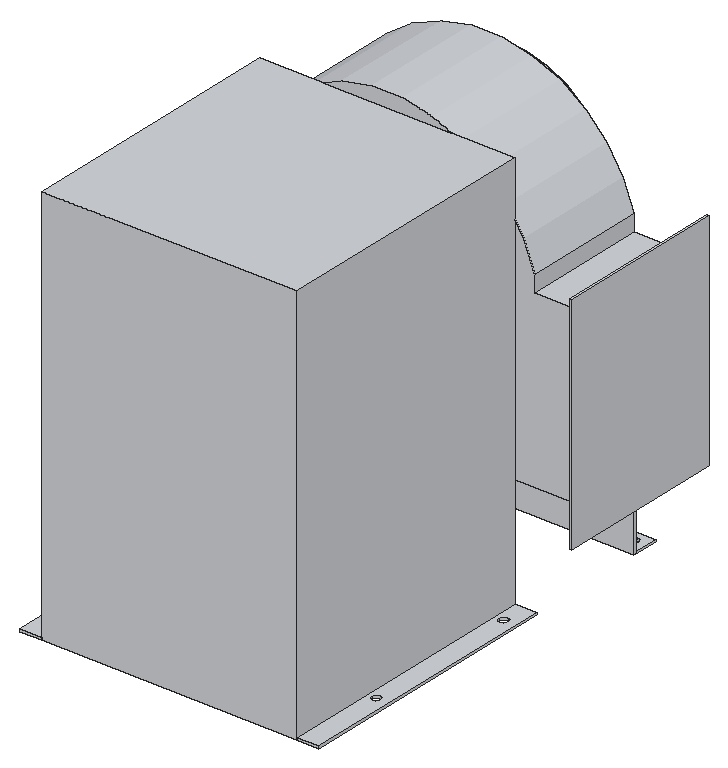
Revit family "CPFB_CCW_BHD", category Mechanical Equipment, Revit 2019
Family settings
  Round Connector Dimension = Use Radius
  Part Type = Normal
  Work Plane-Based = No
  Always vertical = Yes
  Cut with Voids When Loaded = No
  Shared = No
  Room Calculation Point = No
Parameters (values of type "100-CPFB_CCW_BHD")
  Z = 0' - 4 5/8"
  Y = 0' - 8 5/8"
  X = 1' - 2 1/16"
  W+M = W + M  # 1' - 5 1/8"
  W+1.5+K+L = W + 0' 1 1/2" + K + L  # 2' - 1 3/4"
  W+1.5 = W + 0' 1 1/2"  # 0' - 5 1/2"
  W = 0' - 4"
  V = 0' - 8"
  Unit Weight [instance] = ""
  U-.125 = U - 0' 0 1/8"  # 0' - 1 1/2"
  U = 0' - 1 5/8"
  T = 0' - 0 3/4"
  Sones [instance] = ""
  S/2 = S / 2  # 0' - 0 9/32"
  S = 0' - 0 9/16"
  R = 0' - 0 3/4"
  Q = 0' - 3"
  P-U = P - U  # 2' - 0 9/16"
  P = 2' - 2 3/16"
  N = 0' - 9 3/8"
  Motor RPM [instance] = ""
  Motor Enclosure [instance] = ""
  ModelID [instance] = ""
  M = 1' - 1 1/8"
  LwA [instance] = ""
  L = 0' - 10 1/4"
  K = 0' - 10"
  J = 0' - 10 3/4"
  I = 0' - 7 1/8"
  H = 2' - 1 1/4"
  G-V = G - V  # 0' - 1 3/8"
  G = 0' - 9 3/8"
  Fan RPM [instance] = ""
  F-.125 = F - 0' 0 1/8"  # 1' - 0 5/8"
  F = 1' - 0 3/4"
  E = 1' - 10 1/4"
  D = 1' - 6"
  C/8*7 = C / 8 * 2.5  # 0' - 4 53/128"
  C/8 = C / 6  # 0' - 2.35417"
  C/2 = C / 2  # 0' - 7 1/16"
  C = 1' - 2 1/8"
  Brake Hp [instance] = ""
  B = 0' - 10 15/16"
  Accessories [instance] = ""
  A+.25 = A + 0' 0 1/4"  # 0' - 7 13/16"
  A = 0' - 7 9/16"
  CUT = 0' - 3 1/2"
  1'8" = 1' - 9"  # constant formula
  0 = 0' - 0"  # constant formula
  Voltage [instance] = 0 V
  URL = "www.lorencook.com"
  Type Comments = "Foward Curved Centrifugal Blower Counter-Clockwise Bottom Horizontal Arrangement 10"  # constant formula
  Static Pressure [instance] = 0.00 in-wg
  Power [instance] = Voltage * Motor FLA * sqrt(if(Phase = 3, 3, 1))  # 0 VA
  Phase [instance] = 0
  Number of Poles [instance] = 1
  Motor Hp [instance] = "0"
  Motor FLA [instance] = 0 A
  Model = "CPFB_CCW_BHD"  # constant formula
  Manufacturer = "Loren Cook Company"
  CFM [instance] = 0 CFM
  1.5 = 0' - 1 1/2"  # constant formula
  ONE EIGTH = 0' - 0 1/8"  # constant formula
  -1.5 = -0' - 1 1/2"  # constant formula
  -.125 = -0' - 0 1/8"  # constant formula
  -(A+.25) = -(A + 0' 0 1/4")  # -0' - 7 13/16"
  (C/2)-1.5 = (C / 2) - 0' 1 1/2"  # 0' - 5 9/16"
  (C/2)-.25 = (C / 2) - 0' 0 1/4"  # 0' - 6 13/16"
  (C/2)+.25 = (C / 2) + 0' 0 1/4"  # 0' - 7 5/16"
Types (9): name | Z | Y | X | W+M | W+1.5+K+L | W+1.5 | W | V | U-.125 | U | T | S/2 | S | R | Q | P-U | P | N | M | L | K | J | I | H | G-V | G | F-.125 | F | E | D | C/8*7 | C/8 | C/2 | C | B | A+.25 | A | CUT | -(A+.25) | (C/2)-1.5 | (C/2)-.25 | (C/2)+.25
  (no name) | 0' - 4 5/8" | 0' - 8 5/8" | 1' - 2 1/16" | 1' - 5 1/8" | 2' - 1 3/4" | 0' - 5 1/2" | 0' - 4" | 0' - 8" | 0' - 1 1/2" | 0' - 1 5/8" | 0' - 0 3/4" | 0' - 0 9/32" | 0' - 0 9/16" | 0' - 0 3/4" | 0' - 3" | 2' - 0 9/16" | 2' - 2 3/16" | 0' - 9 3/8" | 1' - 1 1/8" | 0' - 10 1/4" | 0' - 10" | 0' - 10 3/4" | 0' - 7 1/8" | 2' - 1 1/4" | 0' - 1 3/8" | 0' - 9 3/8" | 1' - 0 5/8" | 1' - 0 3/4" | 1' - 10 1/4" | 1' - 6" | 0' - 4 53/128" | 0' - 2.35417" | 0' - 7 1/16" | 1' - 2 1/8" | 0' - 10 15/16" | 0' - 7 13/16" | 0' - 7 9/16" | 0' - 3 1/2" | -0' - 7 13/16" | 0' - 5 9/16" | 0' - 6 13/16" | 0' - 7 5/16"
  150-CPFB_CCW_BHD | 0' - 6 9/16" | 0' - 8 5/8" | 1' - 7 5/8" | 1' - 7 1/8" | 2' - 7 5/8" | 0' - 5 1/2" | 0' - 4" | 0' - 8" | 0' - 1 1/2" | 0' - 1 5/8" | 0' - 0 3/4" | 0' - 0 9/32" | 0' - 0 9/16" | 0' - 0 3/4" | 0' - 3" | 2' - 6 3/8" | 2' - 8" | 1' - 1 1/4" | 1' - 3 1/8" | 1' - 2 1/8" | 1' - 0" | 1' - 2 5/8" | 0' - 2 1/2" | 2' - 5 1/16" | 0' - 1 3/8" | 0' - 9 3/8" | 1' - 3 3/16" | 1' - 3 5/16" | 2' - 5 9/16" | 1' - 7 1/16" | 0' - 5 125/128" | 0' - 3 3/16" | 0' - 9 9/16" | 1' - 7 1/8" | 1' - 4 7/16" | 0' - 11 11/16" | 0' - 11 7/16" | 0' - 2" | -0' - 11 11/16" | 0' - 8 1/16" | 0' - 9 5/16" | 0' - 9 13/16"
  180-CPFB_CCW_BHD | 0' - 7 3/4" | 0' - 9 5/8" | 1' - 10 7/8" | 1' - 7 1/8" | 2' - 9 15/16" | 0' - 5 1/2" | 0' - 4" | 0' - 9" | 0' - 1 1/2" | 0' - 1 5/8" | 0' - 0 3/4" | 0' - 0 9/32" | 0' - 0 9/16" | 0' - 1" | 0' - 3" | 2' - 11 5/16" | 3' - 0 15/16" | 1' - 3 9/16" | 1' - 3 1/8" | 1' - 4 7/16" | 1' - 0" | 1' - 4 15/16" | 0' - 2 1/2" | 2' - 9 9/16" | 0' - 1 3/8" | 0' - 10 3/8" | 1' - 5 1/2" | 1' - 5 5/8" | 2' - 10 3/4" | 1' - 10 1/16" | 0' - 7 23/256" | 0' - 3 25/32" | 0' - 11 11/32" | 1' - 10 11/16" | 1' - 7 11/16" | 1' - 2" | 1' - 1 3/4" | 0' - 2" | -1' - 2" | 0' - 9 27/32" | 0' - 11 3/32" | 0' - 11 19/32"
  220-CPFB_CCW_BHD | 0' - 9 7/16" | 0' - 11 1/8" | 2' - 3 13/16" | 1' - 11 1/8" | 3' - 5 3/8" | 0' - 6 1/2" | 0' - 5" | 0' - 10 1/2" | 0' - 1 1/2" | 0' - 1 5/8" | 0' - 0 3/4" | 0' - 0 9/32" | 0' - 0 9/16" | 0' - 1" | 0' - 4" | 3' - 7 15/16" | 3' - 9 9/16" | 1' - 7" | 1' - 6 1/8" | 1' - 7 7/8" | 1' - 3" | 1' - 8 7/16" | 0' - 2 1/2" | 3' - 5" | 0' - 1 3/8" | 0' - 11 7/8" | 1' - 8 1/2" | 1' - 8 5/8" | 3' - 6" | 2' - 3" | 0' - 8 147/256" | 0' - 4.57292" | 1' - 1 23/32" | 2' - 3 7/16" | 2' - 0 5/8" | 1' - 5 7/16" | 1' - 5 3/16" | 0' - 2" | -1' - 5 7/16" | 1' - 0 7/32" | 1' - 1 15/32" | 1' - 1 31/32"
  250-CPFB_CCW_BHD | 0' - 10 1/2" | 1' - 0 3/8" | 2' - 7" | 1' - 11 1/8" | 3' - 7 3/16" | 0' - 6 1/2" | 0' - 5" | 0' - 11 1/2" | 0' - 2" | 0' - 2 1/8" | 0' - 1" | 0' - 0 11/32" | 0' - 0 11/16" | 0' - 1" | 0' - 4" | 3' - 11 11/16" | 4' - 1 13/16" | 1' - 9 1/16" | 1' - 6 1/8" | 1' - 9 11/16" | 1' - 3" | 1' - 11" | 0' - 3" | 3' - 8 5/8" | 0' - 1 7/8" | 1' - 1 3/8" | 1' - 9 5/8" | 1' - 9 3/4" | 3' - 9 1/16" | 2' - 5 5/8" | 0' - 9 51/256" | 0' - 4 29/32" | 1' - 2 23/32" | 2' - 5 7/16" | 2' - 2 13/16" | 1' - 7" | 1' - 6 3/4" | 0' - 2" | -1' - 7" | 1' - 1 7/32" | 1' - 2 15/32" | 1' - 2 31/32"
  270-CPFB_CCW_BHD | 0' - 11 7/16" | 1' - 1 3/8" | 2' - 9 3/4" | 2' - 2 1/8" | 4' - 0 1/16" | 0' - 6 1/2" | 0' - 5" | 1' - 0 1/2" | 0' - 2" | 0' - 2 1/8" | 0' - 1" | 0' - 0 11/32" | 0' - 0 11/16" | 0' - 1" | 0' - 4" | 4' - 4 1/2" | 4' - 6 5/8" | 1' - 10 15/16" | 1' - 9 1/8" | 1' - 11 9/16" | 1' - 6" | 2' - 0 7/8" | 0' - 3" | 4' - 0 7/8" | 0' - 1 7/8" | 1' - 2 3/8" | 1' - 11 1/4" | 1' - 11 3/8" | 4' - 1 1/16" | 2' - 8 3/8" | 0' - 9 251/256" | 0' - 5.32292" | 1' - 3 31/32" | 2' - 7 15/16" | 2' - 5 9/16" | 1' - 8 7/8" | 1' - 8 5/8" | 0' - 2 1/2" | -1' - 8 7/8" | 1' - 2 15/32" | 1' - 3 23/32" | 1' - 4 7/32"
  300-CPFB_CCW_BHD | 1' - 0 5/8" | 1' - 2 5/16" | 3' - 1" | 2' - 2 3/16" | 4' - 2 1/2" | 0' - 6 1/2" | 0' - 5" | 1' - 1 1/2" | 0' - 2" | 0' - 2 1/8" | 0' - 1" | 0' - 0 11/32" | 0' - 0 11/16" | 0' - 1 3/16" | 0' - 4" | 4' - 10 3/16" | 5' - 0 5/16" | 2' - 1 5/16" | 1' - 9 3/16" | 2' - 2" | 1' - 6" | 2' - 3 3/16" | 0' - 3" | 4' - 5 5/8" | 0' - 1 13/16" | 1' - 3 5/16" | 2' - 1 3/4" | 2' - 1 7/8" | 4' - 6 3/8" | 2' - 11 5/8" | 0' - 10 235/256" | 0' - 5.82292" | 1' - 5 15/32" | 2' - 10 15/16" | 2' - 8 13/16" | 1' - 11 3/16" | 1' - 10 15/16" | 0' - 3" | -1' - 11 3/16" | 1' - 3 31/32" | 1' - 5 7/32" | 1' - 5 23/32"
  120-CPFB_CCW_BHD | 0' - 5 7/16" | 0' - 8 5/8" | 1' - 4 5/16" | 1' - 5 1/8" | 2' - 3 3/8" | 0' - 5 1/2" | 0' - 4" | 0' - 8" | 0' - 1 1/2" | 0' - 1 5/8" | 0' - 0 3/4" | 0' - 0 9/32" | 0' - 0 9/16" | 0' - 0 3/4" | 0' - 3" | 2' - 2 5/16" | 2' - 3 15/16" | 0' - 11" | 1' - 1 1/8" | 0' - 11 7/8" | 0' - 10" | 1' - 0 3/8" | 0' - 4 15/16" | 2' - 2 1/4" | 0' - 1 3/8" | 0' - 9 3/8" | 1' - 1 1/4" | 1' - 1 3/8" | 2' - 0 13/16" | 1' - 6" | 0' - 5 5/128" | 0' - 2 11/16" | 0' - 8 1/16" | 1' - 4 1/8" | 1' - 1 1/8" | 0' - 9 7/16" | 0' - 9 3/16" | 0' - 2 1/2" | -0' - 9 7/16" | 0' - 6 9/16" | 0' - 7 13/16" | 0' - 8 5/16"
  100-CPFB_CCW_BHD | 0' - 4 5/8" | 0' - 8 5/8" | 1' - 2 1/16" | 1' - 5 1/8" | 2' - 1 3/4" | 0' - 5 1/2" | 0' - 4" | 0' - 8" | 0' - 1 1/2" | 0' - 1 5/8" | 0' - 0 3/4" | 0' - 0 9/32" | 0' - 0 9/16" | 0' - 0 3/4" | 0' - 3" | 2' - 0 9/16" | 2' - 2 3/16" | 0' - 9 3/8" | 1' - 1 1/8" | 0' - 10 1/4" | 0' - 10" | 0' - 10 3/4" | 0' - 7 1/8" | 2' - 1 1/4" | 0' - 1 3/8" | 0' - 9 3/8" | 1' - 0 5/8" | 1' - 0 3/4" | 1' - 10 1/4" | 1' - 6" | 0' - 4 53/128" | 0' - 2.35417" | 0' - 7 1/16" | 1' - 2 1/8" | 0' - 10 15/16" | 0' - 7 13/16" | 0' - 7 9/16" | 0' - 3 1/2" | -0' - 7 13/16" | 0' - 5 9/16" | 0' - 6 13/16" | 0' - 7 5/16"
Reference planes (in)
  plane 1 "Center (Front/Back)": y = 0
  plane 2: z = 0
  plane 3 "Center (Left/Right)": x = 0.40541
Forms (in)
  Extrusion 1, solid
    sketch origin (0, 0, 0) x (1, 0, 0) y (0, 1, 0)
      loop
        line (-7.59459, 0) -> (-7.59459, -17.125) -> (8.40541, -17.125) -> (8.40541, 0) -> (-7.59459, 0)
    from 0 to 25.25 <- "H"
  Extrusion 2, solid
    sketch origin (0, 0, 0) x (1, 0, 0) y (0, 1, 0)
      loop
        line (-7.59459, 0) -> (-8.96959, 0) -> (-8.96959, -17.125) -> (-7.59459, -17.125) -> (-7.59459, 0)
      loop
        line (8.40541, 0) -> (8.40541, -17.125) -> (9.78041, -17.125) -> (9.78041, 0) -> (8.40541, 0)
    from 0 to 0.125 <- "ONE EIGTH"
  Extrusion 3, solid
    sketch origin (0, 0, 0) x (1, 0, 0) y (0, 1, 0)
      loop
        line (-8.96959, 9.375) -> (-8.96959, 7.8125) -> (9.78041, 7.8125) -> (9.78041, 9.375) -> (-8.96959, 9.375)
    from 0 to 0.125 <- "ONE EIGTH"
  Extrusion 4, solid
    sketch origin (9.78041, 7.8125, 0) x (-1, 0, 0) y (0, 0, -1)
      loop
        line (18.75, 0) -> (0, 0) -> (0, -18) -> (18.75, -18) -> (18.75, 0)
    from 0 to 0.125 <- "ONE EIGTH"
  Extrusion 5, void
    sketch origin (9.78041, 7.8125, 0) x (1, 0, 0) y (0, 0, -1)
      loop
        circle (-9.375, -18) r 7.3125
    from -0.125 <- "-.125" to 0 <- "0"
  Extrusion 6, void
    sketch origin (0, 0, 0) x (1, 0, 0) y (0, 1, 0)
      loop
        circle (9.03041, -1.625) r 0.28125
      loop
        circle (9.03041, -11.625) r 0.28125
      loop
        circle (-8.21959, -11.625) r 0.28125
      loop
        circle (-8.21959, -1.625) r 0.28125
    from -12 to 12
  Extrusion 7, void
    sketch origin (0, 0, 0) x (1, 0, 0) y (0, 1, 0)
      loop
        circle (9.03041, 8.625) r 0.28125
      loop
        circle (-8.21959, 8.625) r 0.28125
    from -0.125 <- "-.125" to 0.125 <- "ONE EIGTH"
  Extrusion 8, solid
    sketch origin (9.78041, 7.6875, 0) x (-1, 0, 0) y (0, 0, -1)
      loop
        circle (9.375, -18) r 7.0625
      loop
        circle (9.375, -18) r 6.8125
    from 0 to -1.5 <- "-1.5"
  Extrusion 9, solid
    sketch origin (0, 0, 0) x (1, 0, 0) y (0, 0, 1)
      loop
        line (13.15541, 18.0625) -> (9.8636, 18.0625)
        arc (9.8636, 18.0625) -> (-6.78303, 22.87885) -> (0.43666, 7.125) r 9.53125
        line (0.43666, 7.125) -> (13.15541, 7.125) -> (13.15541, 18.0625)
    from 0 to -7.8125 <- "-(A+.25)"
  Extrusion 10, void
    sketch origin (0, 0, 0) x (1, 0, 0) y (0, 0, 1)
      loop
        line (9.65541, 39.0625) -> (9.65541, 18.0625) -> (16.65541, 18.0625) -> (16.65541, 39.0625) -> (9.65541, 39.0625)
    from 0 to -7.8125 <- "-(A+.25)"
  Extrusion 11, solid
    sketch origin (13.15541, 0, 18.0625) x (0, 0, -1) y (0, 1, 0)
      loop
        line (-1.5, -1.4375) -> (12.5625, -1.4375) -> (12.5625, 9.3125) -> (-1.5, 9.3125) -> (-1.5, -1.4375)
    from 0 to -0.125 <- "-.125"
  Revolve 12, void
    sketch origin (0.40541, 0, 0) x (0, 1, 0) y (0, 0, 1)
      loop
        line (7.8125, 23.5625) -> (5.45833, 22.41406) -> (5.45833, 18) -> (7.8125, 18) -> (7.8125, 23.5625)
      axis (5.45833, 18) -> (7.8125, 18)
    angle from 0 to 360
Cuts and joins
  Extrusion 5, Extrusion 7, Revolve 12 cuts Extrusion 4
  Extrusion 6 cuts Extrusion 1
  Extrusion 6 cuts Extrusion 2
  Extrusion 7 cuts Extrusion 3
  Extrusion 10, Revolve 12 cuts Extrusion 9
  Revolve 12 cuts Extrusion 8
Dimensions and locks (in)
  "0": Extrusion 1 sketch curve to plane 1 "Center (Front/Back)"
  "W+M": plane 1 "Center (Front/Back)" to Extrusion 1 sketch curve
  "V": plane 3 "Center (Left/Right)" to Extrusion 1 sketch curve
  "V": Extrusion 1 sketch curve to plane 3 "Center (Left/Right)"
  "0": Extrusion 2 sketch curve to plane 1 "Center (Front/Back)"  (x2)
  "0": Extrusion 1 to Extrusion 2 sketch curve  (x2)
  "0": Extrusion 2 sketch curve to Extrusion 1  (x2)
  "G-V": Extrusion 2 sketch curve to Extrusion 2 sketch curve  (x2)
  "N": plane 1 "Center (Front/Back)" to Extrusion 3 sketch curve
  "A+.25": Extrusion 3 sketch curve to plane 1 "Center (Front/Back)"
  "0": Extrusion 2 to Extrusion 3 sketch curve  (x2)
  "0": Extrusion 1 to Extrusion 4 sketch curve
  "D": Extrusion 4 sketch curve to Extrusion 4 sketch curve
  "0": Extrusion 4 sketch curve to Extrusion 2  (x2)
  "D": Extrusion 1 to Extrusion 5 sketch curve
  "V": Extrusion 1 to Extrusion 5 sketch curve
  "Y": plane 3 "Center (Left/Right)" to Extrusion 6 sketch curve  (x2)
  "Y": Extrusion 6 sketch curve to plane 3 "Center (Left/Right)"  (x2)
  "W+1.5": Extrusion 1 to Extrusion 6 sketch curve  (x2)
  "K": Extrusion 6 sketch curve to Extrusion 6 sketch curve  (x2)
  "W+1.5+K+L": cut or joined group of Extrusion 1, Extrusion 6 to Extrusion 7 sketch curve  (x2)
  "V": cut or joined group of Extrusion 1, Extrusion 6 to Extrusion 8 sketch curve  (x2)
  "D": Extrusion 8 sketch curve to cut or joined group of Extrusion 1, Extrusion 6  (x2)
  "T": Extrusion 7 sketch curve to cut or joined group of Extrusion 3, Extrusion 7
  "T": cut or joined group of Extrusion 3, Extrusion 7 to Extrusion 7 sketch curve
  "B": Extrusion 9 sketch curve to Extrusion 9 sketch curve
  "I": Extrusion 9 sketch curve to level
  "F": Extrusion 9 sketch curve to plane 3 "Center (Left/Right)"
  "E": Extrusion 9 sketch curve to Extrusion 9 sketch curve
  "P": Extrusion 9 sketch curve to level
  "CUT": Extrusion 9 to Extrusion 10 sketch curve  (x2)
  "1'8"": Extrusion 10 sketch curve to Extrusion 10 sketch curve
  "0": Extrusion 10 sketch curve to Extrusion 9
  "X": Extrusion 11 sketch curve to Extrusion 11 sketch curve
  "J": Extrusion 11 sketch curve to Extrusion 11 sketch curve
  "U": cut or joined group of Extrusion 9, Extrusion 10, Revolve 12 to Extrusion 11 sketch curve
  "U-.125": cut or joined group of Extrusion 9, Extrusion 10, Revolve 12 to Extrusion 11 sketch curve
  "D": Revolve 12 sketch curve to level
  "D": level to Revolve 12 sketch curve
  "C/8*7": Revolve 12 sketch curve to Revolve 12 sketch curve
  "(C/2)-1.5": Revolve 12 sketch curve to Revolve 12 sketch curve
  "C/8": Revolve 12 sketch curve to Revolve 12 sketch curve
  "0": Revolve 12 sketch curve to cut or joined group of Extrusion 9, Extrusion 10, Revolve 12
  "(C/2)+.25": radius of Extrusion 5 sketch curve
  "S/2": radius of Extrusion 6 sketch curve  (x4)
  "S/2": radius of Extrusion 7 sketch curve  (x2)
  "C/2": radius of Extrusion 8 sketch curve
  "(C/2)-.25": radius of Extrusion 8 sketch curve
Automatic sketch dimensions
  Revolve 12 sketch curve to Revolve 12 sketch curve = 0' - 0"
  Revolve 12 sketch curve to Revolve 12 sketch curve = 0' - 5"
Connectors (in)
  electrical at (-7.59459, -8.5625, 12.625)
    settings: on cut or joined group of Extrusion 1, Extrusion 6, index 1, voltage 0 V, apparent load 0 VA, apparent load phase1 0 VA, apparent load phase2 0 VA, apparent load phase3 0 VA, power factor 1, load classification "Other", number of poles 1, system type 30, power factor state 1, is connector primary yes, connector utility no, sub classification motor no, connector description ""
  hvac at (13.15541, 3.90625, 12.59375), driven by "B", driven by "A"
    settings: on cut or joined group of Extrusion 9, Extrusion 10, Revolve 12, index 2, duct flow 0 CFM, flow factor 0, pres drop 0.00 in-wg, loss coef 0, conn angle 0.00°, conn width 7 9/16", conn height 10 15/16", conn diameter 24", duct sys type 29, conn prof type 1, flow config 0, flow direction 2, loss method 0, conn ref index -1, conn util no, is conn primary yes, conn desc ""
  hvac at (0.40541, 9.1875, 18), driven by "C/2"
    settings: on cut or joined group of Extrusion 8, Revolve 12, index 3, duct flow 0 CFM, flow factor 0, pres drop 0.00 in-wg, loss coef 0, conn angle 0.00°, conn width 12", conn height 12", conn diameter 14 1/8", duct sys type 29, conn prof type 0, flow config 0, flow direction 1, loss method 0, conn ref index -1, conn util no, is conn primary no, conn desc ""
